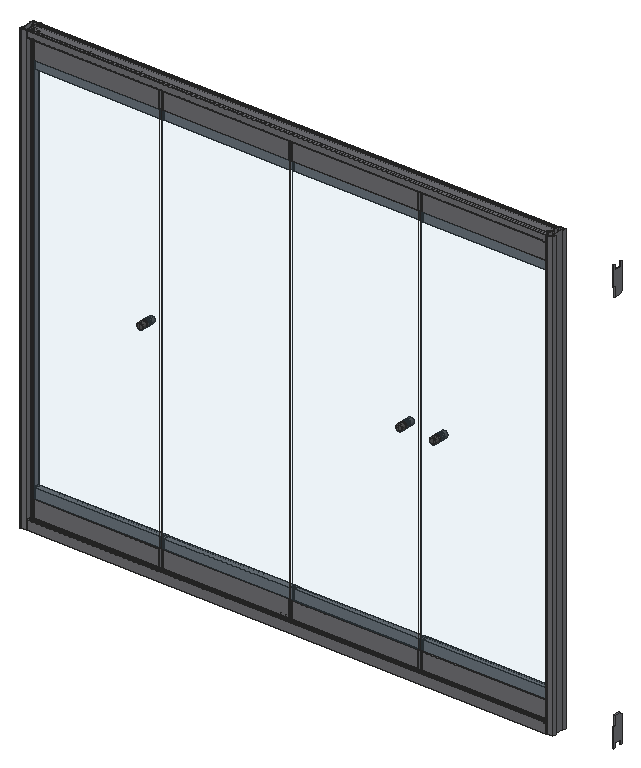
Revit family "QFL4 LH", category Doors, host Wall, Revit 2024
Family settings
  Host = Wall
  OmniClass Number = 23.30.10.00
  OmniClass Title = Doors
  Always vertical = Yes
  Cut with Voids When Loaded = No
  Shared = No
  Room Calculation Point = No
Parameters
  Function = Interior
  Frame Projection Ext. = 25 mm
  Frame Projection Int. = 25 mm
  Frame Width = 75 mm
  Height = 2098 mm
  Wall Closure = By host
  Width = 2498 mm
  Define Thermal Properties by = Schematic Type
  Analytic Construction = "<None>"
Reference planes
  plane 1: y = 0
  plane 2 "Center (Left/Right)": x = 0
  plane 3 "Left": x = -1249
  plane 4 "Right": x = 1249
  plane 5: z = 2098
  plane 6 "Exterior": y = 75
  plane 7 "Interior": y = -75
Forms (mm)
  Extrusion 1, solid, material "ALUMINIUM CHAR (TEST)"
    sketch origin (-0.37, 0, 0) x (1, 0, 0) y (0, 1, 0)
      loop
        line (1249.37, 37.5) -> (1219.37, 37.5) -> (1219.37, 34.4) -> (1220.37, 34.4) -> (1220.37, 35.9) -> (1221.87, 35.9) -> (1221.87, 28.3) -> (1220.37, 28.3) -> (1220.37, 29.8) -> (1219.37, 29.8) -> (1219.37, 1.2) -> (1220.37, 1.2) -> (1220.37, 2.7) -> (1221.87, 2.7) -> (1221.87, -4.9) -> (1220.37, -4.9) -> (1220.37, -3.4) -> (1219.37, -3.4) -> (1219.37, -13.1) -> (1215.37, -13.1) -> (1215.37, -11)
        arc (1215.37, -11) -> (1215.224, -10.646) -> (1214.87, -10.5) r 0.5
        line (1214.87, -10.5) -> (1212.12, -10.5) -> (1212.12, -11.5) -> (1213.72, -11.5) -> (1213.72, -13.1) -> (1206.02, -13.1) -> (1206.02, -11.5) -> (1207.62, -11.5) -> (1207.62, -10.5) -> (1204.87, -10.5)
        arc (1204.87, -10.5) -> (1204.517, -10.646) -> (1204.37, -11) r 0.5
        line (1204.37, -11) -> (1204.37, -14.4)
        arc (1204.37, -14.4) -> (1204.517, -14.754) -> (1204.87, -14.9) r 0.5
        line (1204.87, -14.9) -> (1219.37, -14.9) -> (1219.37, -37.5) -> (1249.37, -37.5) -> (1249.37, -22) -> (1247.87, -22) -> (1247.87, -24.5) -> (1244.87, -24.5) -> (1244.87, 24.5) -> (1247.87, 24.5) -> (1247.87, 22) -> (1249.37, 22) -> (1249.37, 37.5)
      loop
        line (1247.37, 26.3) -> (1247.37, 35.5) -> (1223.67, 35.5) -> (1223.67, 27.7)
        arc (1223.67, 27.7) -> (1223.377, 26.993) -> (1222.67, 26.7) r 1
        line (1222.67, 26.7) -> (1221.37, 26.7) -> (1221.37, 4.3) -> (1222.67, 4.3)
        arc (1222.67, 4.3) -> (1223.377, 4.007) -> (1223.67, 3.3) r 1
        line (1223.67, 3.3) -> (1223.67, -5.5)
        arc (1223.67, -5.5) -> (1223.377, -6.207) -> (1222.67, -6.5) r 1
        line (1222.67, -6.5) -> (1221.17, -6.5) -> (1221.17, -35.5) -> (1247.37, -35.5) -> (1247.37, -26.3) -> (1244.47, -26.3)
        arc (1244.47, -26.3) -> (1243.48, -25.89) -> (1243.07, -24.9) r 1.4
        line (1243.07, -24.9) -> (1243.07, 24.9)
        arc (1243.07, 24.9) -> (1243.48, 25.89) -> (1244.47, 26.3) r 1.4
        line (1244.47, 26.3) -> (1247.37, 26.3)
      loop
        line (-1248.63, 37.5) -> (-1248.63, 22) -> (-1247.13, 22) -> (-1247.13, 24.5) -> (-1244.13, 24.5) -> (-1244.13, -24.5) -> (-1247.13, -24.5) -> (-1247.13, -22) -> (-1248.63, -22) -> (-1248.63, -37.5) -> (-1218.63, -37.5) -> (-1218.63, -14.9) -> (-1204.13, -14.9)
        arc (-1204.13, -14.9) -> (-1203.776, -14.754) -> (-1203.63, -14.4) r 0.5
        line (-1203.63, -14.4) -> (-1203.63, -11)
        arc (-1203.63, -11) -> (-1203.776, -10.646) -> (-1204.13, -10.5) r 0.5
        line (-1204.13, -10.5) -> (-1206.88, -10.5) -> (-1206.88, -11.5) -> (-1205.28, -11.5) -> (-1205.28, -13.1) -> (-1212.98, -13.1) -> (-1212.98, -11.5) -> (-1211.38, -11.5) -> (-1211.38, -10.5) -> (-1214.13, -10.5)
        arc (-1214.13, -10.5) -> (-1214.483, -10.646) -> (-1214.63, -11) r 0.5
        line (-1214.63, -11) -> (-1214.63, -13.1) -> (-1218.63, -13.1) -> (-1218.63, -3.4) -> (-1219.63, -3.4) -> (-1219.63, -4.9) -> (-1221.13, -4.9) -> (-1221.13, 2.7) -> (-1219.63, 2.7) -> (-1219.63, 1.2) -> (-1218.63, 1.2) -> (-1218.63, 29.8) -> (-1219.63, 29.8) -> (-1219.63, 28.3) -> (-1221.13, 28.3) -> (-1221.13, 35.9) -> (-1219.63, 35.9) -> (-1219.63, 34.4) -> (-1218.63, 34.4) -> (-1218.63, 37.5) -> (-1248.63, 37.5)
      loop
        line (-1246.63, 26.3) -> (-1243.73, 26.3)
        arc (-1243.73, 26.3) -> (-1242.74, 25.89) -> (-1242.33, 24.9) r 1.4
        line (-1242.33, 24.9) -> (-1242.33, -24.9)
        arc (-1242.33, -24.9) -> (-1242.74, -25.89) -> (-1243.73, -26.3) r 1.4
        line (-1243.73, -26.3) -> (-1246.63, -26.3) -> (-1246.63, -35.5) -> (-1220.43, -35.5) -> (-1220.43, -6.5) -> (-1221.93, -6.5)
        arc (-1221.93, -6.5) -> (-1222.637, -6.207) -> (-1222.93, -5.5) r 1
        line (-1222.93, -5.5) -> (-1222.93, 3.3)
        arc (-1222.93, 3.3) -> (-1222.637, 4.007) -> (-1221.93, 4.3) r 1
        line (-1221.93, 4.3) -> (-1220.63, 4.3) -> (-1220.63, 26.7) -> (-1221.93, 26.7)
        arc (-1221.93, 26.7) -> (-1222.637, 26.993) -> (-1222.93, 27.7) r 1
        line (-1222.93, 27.7) -> (-1222.93, 35.5) -> (-1246.63, 35.5) -> (-1246.63, 26.3)
    from 0 to 2098
  Extrusion 2, solid, material "ALUMINIUM CHAR (TEST)"
    sketch origin (-943.37, 0, 0) x (0, -1, 0) y (0, 0, 1)
      loop
        line (-36.55, 18) -> (-36.55, 20.5) -> (-37.5, 20.5) -> (-37.5, 0) -> (-35.5, 0) -> (-35.5, 2) -> (-13.5, 2) -> (-13.5, 0) -> (-11.5, 0) -> (-11.5, 2) -> (10.5, 2) -> (10.5, 0) -> (12.5, 0) -> (12.5, 2) -> (35.5, 2) -> (35.5, 0) -> (37.5, 0) -> (37.5, 44.5)
        arc (37.5, 44.5) -> (37.354, 44.854) -> (37, 45) r 0.5
        line (37, 45) -> (32.199, 45) -> (31.492, 44.5) -> (26.524, 44.5) -> (25.817, 45) -> (22.199, 45) -> (21.492, 44.5) -> (16.524, 44.5) -> (15.817, 44.999) -> (11.001, 44.999)
        arc (11.001, 44.999) -> (10.648, 44.853) -> (10.502, 44.501) r 0.499
        line (10.502, 44.501) -> (10.502, 41.75) -> (11.5, 41.75) -> (11.5, 43.35) -> (13.1, 43.35) -> (13.1, 35.65) -> (11.5, 35.65) -> (11.5, 37.25) -> (10.5, 37.25) -> (10.5, 11.9)
        arc (10.5, 11.9) -> (10.061, 10.839) -> (9, 10.4) r 1.5
        line (9, 10.4) -> (3, 10.4)
        arc (3, 10.4) -> (1.939, 10.839) -> (1.5, 11.9) r 1.5
        line (1.5, 11.9) -> (1.5, 20)
        arc (1.5, 20) -> (0.851, 21.475) -> (-0.674, 21.992) r 2
        line (-0.674, 21.992) -> (-9.95, 20.504) -> (-9.95, 18) -> (-36.55, 18)
      loop
        line (10.5, 4.2) -> (10.5, 8.4) -> (3, 8.4)
        arc (3, 8.4) -> (0.525, 9.425) -> (-0.5, 11.9) r 3.5
        line (-0.5, 11.9) -> (-0.5, 20.057) -> (-7.95, 18.629) -> (-7.95, 16) -> (-35.5, 16) -> (-35.5, 4.2) -> (10.5, 4.2)
      loop
        line (12.5, 4.2) -> (35.5, 4.2) -> (35.5, 43) -> (15.1, 43) -> (15.1, 34) -> (12.5, 34) -> (12.5, 4.2)
      loop
        arc (-37.5, 2069) -> (-37.207, 2068.293) -> (-36.5, 2068) r 1
        line (-36.5, 2068) -> (-34.25, 2068) -> (-34.25, 2069) -> (-35.85, 2069) -> (-35.85, 2070.6) -> (-28.15, 2070.6) -> (-28.15, 2069) -> (-29.75, 2069) -> (-29.75, 2068) -> (-25.9, 2068)
        arc (-25.9, 2068) -> (-24.486, 2068.586) -> (-23.9, 2070) r 2
        line (-23.9, 2070) -> (-23.9, 2091.2)
        arc (-23.9, 2091.2) -> (-23.754, 2091.554) -> (-23.4, 2091.7) r 0.5
        line (-23.4, 2091.7) -> (-6.85, 2091.7) -> (-6.85, 2070)
        arc (-6.85, 2070) -> (-6.264, 2068.586) -> (-4.85, 2068) r 2
        line (-4.85, 2068) -> (13.1, 2068) -> (13.1, 2064) -> (11, 2064)
        arc (11, 2064) -> (10.646, 2063.854) -> (10.5, 2063.5) r 0.5
        line (10.5, 2063.5) -> (10.5, 2060.75) -> (11.5, 2060.75) -> (11.5, 2062.35) -> (13.1, 2062.35) -> (13.1, 2054.65) -> (11.5, 2054.65) -> (11.5, 2056.25) -> (10.5, 2056.25) -> (10.5, 2053.5)
        arc (10.5, 2053.5) -> (10.646, 2053.146) -> (11, 2053) r 0.5
        line (11, 2053) -> (14.4, 2053)
        arc (14.4, 2053) -> (14.754, 2053.146) -> (14.9, 2053.5) r 0.5
        line (14.9, 2053.5) -> (14.9, 2068) -> (36.5, 2068)
        arc (36.5, 2068) -> (37.207, 2068.293) -> (37.5, 2069) r 1
        line (37.5, 2069) -> (37.5, 2098) -> (22, 2098) -> (22, 2096.5) -> (24.5, 2096.5) -> (24.5, 2093.5) -> (-24.5, 2093.5) -> (-24.5, 2096.5) -> (-22, 2096.5) -> (-22, 2098) -> (-25.4, 2098)
        arc (-25.4, 2098) -> (-26.107, 2097.707) -> (-26.4, 2097) r 1
        line (-26.4, 2097) -> (-26.4, 2085.5)
        arc (-26.4, 2085.5) -> (-26.546, 2085.146) -> (-26.9, 2085) r 0.5
        line (-26.9, 2085) -> (-35, 2085)
        arc (-35, 2085) -> (-35.354, 2085.146) -> (-35.5, 2085.5) r 0.5
        line (-35.5, 2085.5) -> (-35.5, 2095.5)
        arc (-35.5, 2095.5) -> (-35.354, 2095.854) -> (-35, 2096) r 0.5
        line (-35, 2096) -> (-33.5, 2096) -> (-33.5, 2098) -> (-36.5, 2098)
        arc (-36.5, 2098) -> (-37.207, 2097.707) -> (-37.5, 2097) r 1
        line (-37.5, 2097) -> (-37.5, 2069)
      loop
        line (35.5, 2070) -> (35.5, 2096) -> (26.3, 2096) -> (26.3, 2093.1)
        arc (26.3, 2093.1) -> (25.89, 2092.11) -> (24.9, 2091.7) r 1.4
        line (24.9, 2091.7) -> (-4.85, 2091.7) -> (-4.85, 2070.5)
        arc (-4.85, 2070.5) -> (-4.704, 2070.146) -> (-4.35, 2070) r 0.5
        line (-4.35, 2070) -> (35.5, 2070)
      loop
        line (-26.4, 2072.2) -> (-26.4, 2082.5)
        arc (-26.4, 2082.5) -> (-26.546, 2082.854) -> (-26.9, 2083) r 0.5
        line (-26.9, 2083) -> (-35, 2083)
        arc (-35, 2083) -> (-35.354, 2082.854) -> (-35.5, 2082.5) r 0.5
        line (-35.5, 2082.5) -> (-35.5, 2072.2) -> (-26.4, 2072.2)
    from -2162.37 to 275.63
  Extrusion 3, solid, material "ALUMINIUM CHAR (TEST)"
    sketch origin (1510, 0, 0) x (0, -1, 0) y (0, 0, -1)
      loop
        line (-33.496, -156) -> (-23.496, -166) -> (2.504, -166) -> (2.504, -121) -> (10.504, -121) -> (10.504, -31) -> (5.604, -31) -> (5.604, -51) -> (-28.596, -51) -> (-28.596, -31) -> (-33.496, -31) -> (-33.496, -156)
      loop
        line (-33.496, -2059) -> (-28.596, -2059) -> (-28.596, -2039) -> (5.604, -2039) -> (5.604, -2059) -> (10.504, -2059) -> (10.504, -1969) -> (2.504, -1969) -> (2.504, -1924) -> (-23.496, -1924) -> (-33.496, -1934) -> (-33.496, -2059)
    from 0 to 5
  Extrusion 4, solid, material "ALUMINIUM CHAR (TEST)"
    sketch origin (-620, 0, 0) x (0, -1, 0) y (0, 0, 1)
      loop
        line (10.504, 2059) -> (8.704, 2059) -> (8.704, 2057) -> (5.604, 2057) -> (5.604, 2055.4) -> (8.754, 2055.4) -> (8.754, 2043.033) -> (8.2, 2041.985) -> (8.2, 2039) -> (-31.196, 2039) -> (-31.196, 2041.92) -> (-31.705, 2042.883) -> (-31.705, 2055.4) -> (-28.596, 2055.4) -> (-28.596, 2057) -> (-31.696, 2057) -> (-31.696, 2059) -> (-33.496, 2059) -> (-33.496, 1934) -> (-23.496, 1924) -> (2.504, 1924) -> (2.504, 1969) -> (10.504, 1969) -> (10.504, 2059)
      loop
        line (8.714, 1971) -> (8.714, 2037.2) -> (-31.705, 2037.2) -> (-31.705, 1935.038) -> (-22.467, 1925.8) -> (0.504, 1925.8) -> (0.504, 1971) -> (8.714, 1971)
      loop
        line (10.504, 31) -> (10.504, 121) -> (2.504, 121) -> (2.504, 166) -> (-23.496, 166) -> (-33.496, 156) -> (-33.496, 31) -> (-31.696, 31) -> (-31.696, 33) -> (-28.596, 33) -> (-28.596, 34.6) -> (-31.705, 34.6) -> (-31.705, 47.117) -> (-31.196, 48.08) -> (-31.196, 51) -> (8.2, 51) -> (8.2, 48.015) -> (8.754, 46.967) -> (8.754, 34.6) -> (5.604, 34.6) -> (5.604, 33) -> (8.704, 33) -> (8.704, 31) -> (10.504, 31)
      loop
        line (8.714, 119) -> (0.504, 119) -> (0.504, 164.2) -> (-22.467, 164.2) -> (-31.705, 154.962) -> (-31.705, 52.8) -> (8.714, 52.8) -> (8.714, 119)
    from -1 to 589
  Extrusion 5, solid, material "Glass"
    sketch origin (-1254, 0, 0) x (0, -1, 0) y (0, 0, 1)
      loop
        line (2.504, 121) -> (10.504, 121) -> (10.504, 1969) -> (2.504, 1969) -> (2.504, 121)
    from -640 to -40
  Extrusion 6, solid, material "ALUMINIUM CHAR (TEST)"
    sketch origin (-619, 0, 0) x (0, -1, 0) y (0, 0, -1)
      loop
        line (-33.496, -156) -> (-23.496, -166) -> (2.504, -166) -> (2.504, -121) -> (10.504, -121) -> (10.504, -31) -> (5.604, -31) -> (5.604, -51) -> (-28.596, -51) -> (-28.596, -31) -> (-33.496, -31) -> (-33.496, -156)
      loop
        line (-33.496, -2059) -> (-28.596, -2059) -> (-28.596, -2039) -> (5.604, -2039) -> (5.604, -2059) -> (10.504, -2059) -> (10.504, -1969) -> (2.504, -1969) -> (2.504, -1924) -> (-23.496, -1924) -> (-33.496, -1934) -> (-33.496, -2059)
    from 0 to 5
  Extrusion 7, solid, material "ALUMINIUM CHAR (TEST)"
    sketch origin (-1209, 0, 0) x (0, -1, 0) y (0, 0, 1)
      loop
        line (-33.496, 156) -> (-33.496, 31) -> (-28.596, 31) -> (-28.596, 51) -> (5.604, 51) -> (5.604, 31) -> (10.504, 31) -> (10.504, 121) -> (2.504, 121) -> (2.504, 166) -> (-23.496, 166) -> (-33.496, 156)
      loop
        line (-33.496, 2059) -> (-33.496, 1934) -> (-23.496, 1924) -> (2.504, 1924) -> (2.504, 1969) -> (10.504, 1969) -> (10.504, 2059) -> (5.604, 2059) -> (5.604, 2039) -> (-28.596, 2039) -> (-28.596, 2059) -> (-33.496, 2059)
    from 0 to 5
  Extrusion 8, solid, material "ALUMINIUM CHAR (TEST)"
    sketch origin (-601.5, 0, 0) x (0, -1, 0) y (0, 0, 1)
      loop
        line (-33.496, 156) -> (-33.496, 31) -> (-28.596, 31) -> (-28.596, 51) -> (5.604, 51) -> (5.604, 31) -> (10.504, 31) -> (10.504, 121) -> (2.504, 121) -> (2.504, 166) -> (-23.496, 166) -> (-33.496, 156)
      loop
        line (-33.496, 2059) -> (-33.496, 1934) -> (-23.496, 1924) -> (2.504, 1924) -> (2.504, 1969) -> (10.504, 1969) -> (10.504, 2059) -> (5.604, 2059) -> (5.604, 2039) -> (-28.596, 2039) -> (-28.596, 2059) -> (-33.496, 2059)
    from 0 to 5
  Extrusion 9, solid, material "ALUMINIUM CHAR (TEST)"
    sketch origin (-12.5, 0, 0) x (0, -1, 0) y (0, 0, 1)
      loop
        line (10.504, 2059) -> (8.704, 2059) -> (8.704, 2057) -> (5.604, 2057) -> (5.604, 2055.4) -> (8.754, 2055.4) -> (8.754, 2043.033) -> (8.2, 2041.985) -> (8.2, 2039) -> (-31.196, 2039) -> (-31.196, 2041.92) -> (-31.705, 2042.883) -> (-31.705, 2055.4) -> (-28.596, 2055.4) -> (-28.596, 2057) -> (-31.696, 2057) -> (-31.696, 2059) -> (-33.496, 2059) -> (-33.496, 1934) -> (-23.496, 1924) -> (2.504, 1924) -> (2.504, 1969) -> (10.504, 1969) -> (10.504, 2059)
      loop
        line (8.714, 1971) -> (8.714, 2037.2) -> (-31.705, 2037.2) -> (-31.705, 1935.038) -> (-22.467, 1925.8) -> (0.504, 1925.8) -> (0.504, 1971) -> (8.714, 1971)
      loop
        line (10.504, 31) -> (10.504, 121) -> (2.504, 121) -> (2.504, 166) -> (-23.496, 166) -> (-33.496, 156) -> (-33.496, 31) -> (-31.696, 31) -> (-31.696, 33) -> (-28.596, 33) -> (-28.596, 34.6) -> (-31.705, 34.6) -> (-31.705, 47.117) -> (-31.196, 48.08) -> (-31.196, 51) -> (8.2, 51) -> (8.2, 48.015) -> (8.754, 46.967) -> (8.754, 34.6) -> (5.604, 34.6) -> (5.604, 33) -> (8.704, 33) -> (8.704, 31) -> (10.504, 31)
      loop
        line (8.714, 119) -> (0.504, 119) -> (0.504, 164.2) -> (-22.467, 164.2) -> (-31.705, 154.962) -> (-31.705, 52.8) -> (8.714, 52.8) -> (8.714, 119)
    from -1 to 589
  Extrusion 10, solid, material "Glass"
    sketch origin (-646.5, 0, 0) x (0, -1, 0) y (0, 0, 1)
      loop
        line (2.504, 121) -> (10.504, 121) -> (10.504, 1969) -> (2.504, 1969) -> (2.504, 121)
    from -640 to -40
  Extrusion 11, solid, material "ALUMINIUM CHAR (TEST)"
    sketch origin (-11.5, 0, 0) x (0, -1, 0) y (0, 0, -1)
      loop
        line (-33.496, -156) -> (-23.496, -166) -> (2.504, -166) -> (2.504, -121) -> (10.504, -121) -> (10.504, -31) -> (5.604, -31) -> (5.604, -51) -> (-28.596, -51) -> (-28.596, -31) -> (-33.496, -31) -> (-33.496, -156)
      loop
        line (-33.496, -2059) -> (-28.596, -2059) -> (-28.596, -2039) -> (5.604, -2039) -> (5.604, -2059) -> (10.504, -2059) -> (10.504, -1969) -> (2.504, -1969) -> (2.504, -1924) -> (-23.496, -1924) -> (-33.496, -1934) -> (-33.496, -2059)
    from 0 to 5
  Extrusion 12, solid, material "ALUMINIUM CHAR (TEST)"
    sketch origin (6, 0, 0) x (0, -1, 0) y (0, 0, 1)
      loop
        line (-33.496, 156) -> (-33.496, 31) -> (-28.596, 31) -> (-28.596, 51) -> (5.604, 51) -> (5.604, 31) -> (10.504, 31) -> (10.504, 121) -> (2.504, 121) -> (2.504, 166) -> (-23.496, 166) -> (-33.496, 156)
      loop
        line (-33.496, 2059) -> (-33.496, 1934) -> (-23.496, 1924) -> (2.504, 1924) -> (2.504, 1969) -> (10.504, 1969) -> (10.504, 2059) -> (5.604, 2059) -> (5.604, 2039) -> (-28.596, 2039) -> (-28.596, 2059) -> (-33.496, 2059)
    from 0 to 5
  Extrusion 13, solid, material "ALUMINIUM CHAR (TEST)"
    sketch origin (595, 0, 0) x (0, -1, 0) y (0, 0, 1)
      loop
        line (10.504, 2059) -> (8.704, 2059) -> (8.704, 2057) -> (5.604, 2057) -> (5.604, 2055.4) -> (8.754, 2055.4) -> (8.754, 2043.033) -> (8.2, 2041.985) -> (8.2, 2039) -> (-31.196, 2039) -> (-31.196, 2041.92) -> (-31.705, 2042.883) -> (-31.705, 2055.4) -> (-28.596, 2055.4) -> (-28.596, 2057) -> (-31.696, 2057) -> (-31.696, 2059) -> (-33.496, 2059) -> (-33.496, 1934) -> (-23.496, 1924) -> (2.504, 1924) -> (2.504, 1969) -> (10.504, 1969) -> (10.504, 2059)
      loop
        line (8.714, 1971) -> (8.714, 2037.2) -> (-31.705, 2037.2) -> (-31.705, 1935.038) -> (-22.467, 1925.8) -> (0.504, 1925.8) -> (0.504, 1971) -> (8.714, 1971)
      loop
        line (10.504, 31) -> (10.504, 121) -> (2.504, 121) -> (2.504, 166) -> (-23.496, 166) -> (-33.496, 156) -> (-33.496, 31) -> (-31.696, 31) -> (-31.696, 33) -> (-28.596, 33) -> (-28.596, 34.6) -> (-31.705, 34.6) -> (-31.705, 47.117) -> (-31.196, 48.08) -> (-31.196, 51) -> (8.2, 51) -> (8.2, 48.015) -> (8.754, 46.967) -> (8.754, 34.6) -> (5.604, 34.6) -> (5.604, 33) -> (8.704, 33) -> (8.704, 31) -> (10.504, 31)
      loop
        line (8.714, 119) -> (0.504, 119) -> (0.504, 164.2) -> (-22.467, 164.2) -> (-31.705, 154.962) -> (-31.705, 52.8) -> (8.714, 52.8) -> (8.714, 119)
    from -1 to 589
  Extrusion 14, solid, material "Glass"
    sketch origin (-39, 0, 0) x (0, -1, 0) y (0, 0, 1)
      loop
        line (2.504, 121) -> (10.504, 121) -> (10.504, 1969) -> (2.504, 1969) -> (2.504, 121)
    from -640 to -40
  Extrusion 15, solid, material "ALUMINIUM CHAR (TEST)"
    sketch origin (596, 0, 0) x (0, -1, 0) y (0, 0, -1)
      loop
        line (-33.496, -156) -> (-23.496, -166) -> (2.504, -166) -> (2.504, -121) -> (10.504, -121) -> (10.504, -31) -> (5.604, -31) -> (5.604, -51) -> (-28.596, -51) -> (-28.596, -31) -> (-33.496, -31) -> (-33.496, -156)
      loop
        line (-33.496, -2059) -> (-28.596, -2059) -> (-28.596, -2039) -> (5.604, -2039) -> (5.604, -2059) -> (10.504, -2059) -> (10.504, -1969) -> (2.504, -1969) -> (2.504, -1924) -> (-23.496, -1924) -> (-33.496, -1934) -> (-33.496, -2059)
    from 0 to 5
  Extrusion 16, solid, material "ALUMINIUM CHAR (TEST)"
    sketch origin (613.5, 0, 0) x (0, -1, 0) y (0, 0, 1)
      loop
        line (-33.496, 156) -> (-33.496, 31) -> (-28.596, 31) -> (-28.596, 51) -> (5.604, 51) -> (5.604, 31) -> (10.504, 31) -> (10.504, 121) -> (2.504, 121) -> (2.504, 166) -> (-23.496, 166) -> (-33.496, 156)
      loop
        line (-33.496, 2059) -> (-33.496, 1934) -> (-23.496, 1924) -> (2.504, 1924) -> (2.504, 1969) -> (10.504, 1969) -> (10.504, 2059) -> (5.604, 2059) -> (5.604, 2039) -> (-28.596, 2039) -> (-28.596, 2059) -> (-33.496, 2059)
    from 0 to 5
  Extrusion 17, solid, material "ALUMINIUM CHAR (TEST)"
    sketch origin (1202.5, 0, 0) x (0, -1, 0) y (0, 0, 1)
      loop
        line (10.504, 2059) -> (8.704, 2059) -> (8.704, 2057) -> (5.604, 2057) -> (5.604, 2055.4) -> (8.754, 2055.4) -> (8.754, 2043.033) -> (8.2, 2041.985) -> (8.2, 2039) -> (-31.196, 2039) -> (-31.196, 2041.92) -> (-31.705, 2042.883) -> (-31.705, 2055.4) -> (-28.596, 2055.4) -> (-28.596, 2057) -> (-31.696, 2057) -> (-31.696, 2059) -> (-33.496, 2059) -> (-33.496, 1934) -> (-23.496, 1924) -> (2.504, 1924) -> (2.504, 1969) -> (10.504, 1969) -> (10.504, 2059)
      loop
        line (8.714, 1971) -> (8.714, 2037.2) -> (-31.705, 2037.2) -> (-31.705, 1935.038) -> (-22.467, 1925.8) -> (0.504, 1925.8) -> (0.504, 1971) -> (8.714, 1971)
      loop
        line (10.504, 31) -> (10.504, 121) -> (2.504, 121) -> (2.504, 166) -> (-23.496, 166) -> (-33.496, 156) -> (-33.496, 31) -> (-31.696, 31) -> (-31.696, 33) -> (-28.596, 33) -> (-28.596, 34.6) -> (-31.705, 34.6) -> (-31.705, 47.117) -> (-31.196, 48.08) -> (-31.196, 51) -> (8.2, 51) -> (8.2, 48.015) -> (8.754, 46.967) -> (8.754, 34.6) -> (5.604, 34.6) -> (5.604, 33) -> (8.704, 33) -> (8.704, 31) -> (10.504, 31)
      loop
        line (8.714, 119) -> (0.504, 119) -> (0.504, 164.2) -> (-22.467, 164.2) -> (-31.705, 154.962) -> (-31.705, 52.8) -> (8.714, 52.8) -> (8.714, 119)
    from -1 to 589
  Extrusion 18, solid, material "Glass"
    sketch origin (568.5, 0, 0) x (0, -1, 0) y (0, 0, 1)
      loop
        line (2.504, 121) -> (10.504, 121) -> (10.504, 1969) -> (2.504, 1969) -> (2.504, 121)
    from -640 to -40
  Extrusion 19, solid, material "ALUMINIUM CHAR (TEST)"
    sketch origin (1203.5, 0, 0) x (0, -1, 0) y (0, 0, -1)
      loop
        line (-33.496, -156) -> (-23.496, -166) -> (2.504, -166) -> (2.504, -121) -> (10.504, -121) -> (10.504, -31) -> (5.604, -31) -> (5.604, -51) -> (-28.596, -51) -> (-28.596, -31) -> (-33.496, -31) -> (-33.496, -156)
      loop
        line (-33.496, -2059) -> (-28.596, -2059) -> (-28.596, -2039) -> (5.604, -2039) -> (5.604, -2059) -> (10.504, -2059) -> (10.504, -1969) -> (2.504, -1969) -> (2.504, -1924) -> (-23.496, -1924) -> (-33.496, -1934) -> (-33.496, -2059)
    from 0 to 5
  Revolve 20, solid, material "Metal, Powder Coated, Black"
    sketch origin (531.5, -153.753, 23.323) x (0, 1, 0) y (0, 0, -1)
      loop
        line (151.249, -1021.677) -> (151.249, -1036.677) -> (154.249, -1036.677) -> (159.249, -1031.677) -> (164.249, -1036.677) -> (180.249, -1036.677) -> (181.249, -1035.677) -> (181.249, -1021.677) -> (151.249, -1021.677)
      axis (181.249, -1021.677) -> (151.249, -1021.677)
    angle from 0 to 360
  Revolve 21, solid, material "Metal, Powder Coated, Black"
    sketch origin (-683.5, -153.753, 23.323) x (0, 1, 0) y (0, 0, -1)
      loop
        line (151.249, -1021.677) -> (151.249, -1036.677) -> (154.249, -1036.677) -> (159.249, -1031.677) -> (164.249, -1036.677) -> (180.249, -1036.677) -> (181.249, -1035.677) -> (181.249, -1021.677) -> (151.249, -1021.677)
      axis (181.249, -1021.677) -> (151.249, -1021.677)
    angle from 0 to 360
  Revolve 22, solid, material "Metal, Powder Coated, Black"
    sketch origin (531.5, 140.744, 23.323) x (0, -1, 0) y (0, 0, 1)
      loop
        line (151.249, 1021.677) -> (181.249, 1021.677) -> (181.249, 1035.677) -> (180.249, 1036.677) -> (164.249, 1036.677) -> (159.249, 1031.677) -> (154.249, 1036.677) -> (151.249, 1036.677) -> (151.249, 1021.677)
      axis (181.249, 1021.677) -> (151.249, 1021.677)
    angle from 0 to 360
  Revolve 23, solid, material "Metal, Powder Coated, Black"
    sketch origin (-683.5, 140.744, 23.323) x (0, -1, 0) y (0, 0, 1)
      loop
        line (151.249, 1021.677) -> (181.249, 1021.677) -> (181.249, 1035.677) -> (180.249, 1036.677) -> (164.249, 1036.677) -> (159.249, 1031.677) -> (154.249, 1036.677) -> (151.249, 1036.677) -> (151.249, 1021.677)
      axis (181.249, 1021.677) -> (151.249, 1021.677)
    angle from 0 to 360
  Revolve 24, solid, material "Metal, Powder Coated, Black"
    sketch origin (689, -153.753, 23.323) x (0, 1, 0) y (0, 0, 1)
      loop
        line (151.249, 1021.677) -> (181.249, 1021.677) -> (181.249, 1035.677) -> (180.249, 1036.677) -> (164.249, 1036.677) -> (159.249, 1031.677) -> (154.249, 1036.677) -> (151.249, 1036.677) -> (151.249, 1021.677)
      axis (181.249, 1021.677) -> (151.249, 1021.677)
    angle from 0 to 360
  Revolve 25, solid, material "Metal, Powder Coated, Black"
    sketch origin (689, 140.744, 23.323) x (0, -1, 0) y (0, 0, -1)
      loop
        line (151.249, -1021.677) -> (151.249, -1036.677) -> (154.249, -1036.677) -> (159.249, -1031.677) -> (164.249, -1036.677) -> (180.249, -1036.677) -> (181.249, -1035.677) -> (181.249, -1021.677) -> (151.249, -1021.677)
      axis (181.249, -1021.677) -> (151.249, -1021.677)
    angle from 0 to 360
Lines and regions (mm)
  Opening 1
    outline origin (-3050, -75, 0) x (1, 0, 0) y (0, 0, 1)
      loop
        line (1801, 0) -> (4299, 0) -> (4299, 2098) -> (1801, 2098) -> (1801, 0)
  model lines
    curve 1: line (1214, 33.496, 2059) -> (614, 33.496, 1045)
    curve 2: line (614, 33.496, 1045) -> (1214, 33.496, 31)
    curve 3: line (433.405, 75, 1049) -> (258.405, 75, 1049)
    curve 4: line (119.328, 75, 1049) -> (258.405, 75, 1105.191)
    curve 5: line (258.405, 75, 1105.191) -> (258.405, 75, 992.809)
    curve 6: line (119.328, 75, 1049) -> (258.405, 75, 992.809)
    curve 7: line (-174.095, 75, 1049) -> (-349.095, 75, 1049)
    curve 8: line (-488.172, 75, 1049) -> (-349.095, 75, 1105.191)
    curve 9: line (-349.095, 75, 1105.191) -> (-349.095, 75, 992.809)
    curve 10: line (-488.172, 75, 1049) -> (-349.095, 75, 992.809)
    curve 11: line (-781.595, 75, 1049) -> (-956.595, 75, 1049)
    curve 12: line (-1095.672, 75, 1049) -> (-956.595, 75, 1105.191)
    curve 13: line (-956.595, 75, 1105.191) -> (-956.595, 75, 992.809)
    curve 14: line (-1095.672, 75, 1049) -> (-956.595, 75, 992.809)
    curve 15: line (-1220.39, 59.5, 0) -> (-948.105, 531.111, 0)
    curve 16: line (-1190.947, 22.496, 0) -> (-910, 509.111, 0)
    curve 17: line (-910, 509.111, 0) -> (-637.715, 37.5, 0)
    curve 18: line (-871.895, 531.111, 0) -> (-599.61, 59.5, 0)
    curve 19: line (-910, 509.111, 0) -> (-948.105, 531.111, 0)
    curve 20: line (-910, 509.111, 0) -> (-871.895, 531.111, 0)
    curve 21: line (-1182.285, 37.5, 0) -> (-1220.39, 59.5, 0)
    curve 22: line (-637.715, 37.5, 0) -> (-599.61, 59.5, 0)
    curve 23: line (-289.22, 509.111, 0) -> (-561.505, 37.5, 0)
    curve 24: line (-327.326, 531.111, 0) -> (-599.61, 59.5, 0)
    curve 25: line (-289.22, 509.111, 0) -> (-327.326, 531.111, 0)
    curve 26: line (-561.505, 37.5, 0) -> (-599.61, 59.5, 0)
    curve 27: line (1220.39, 59.5, 0) -> (948.105, 531.111, 0)
    curve 28: line (1190.947, 22.496, 0) -> (910, 509.111, 0)
    curve 29: line (910, 509.111, 0) -> (948.105, 531.111, 0)
    curve 30: line (1182.285, 37.5, 0) -> (1220.39, 59.5, 0)
Text (mm)
  text "Exterior" at (-2295.016, 1099.543, 0), in view "Ref. Level"
  text "Exterior" at (0, 1615.38, 3698.081), in view "Left"
  text "Exterior" at (0, 1036.032, 3874.932), in view "Right"
Dimensions and locks
  equal spacing: plane 3 "Left", plane 2 "Center (Left/Right)", plane 4 "Right"
  "Width": plane 3 "Left" to plane 4 "Right"
  "Height": plane 5 to host wall
  host wall to plane 5 = 2098 mm  (x2)
  locked: plane 6 "Exterior" to host wall
  locked: plane 7 "Interior" to host wall
  plane 3 "Left" to plane 4 "Right" = 2498 mm
  aligned and locked: plane 3 "Left" to Opening 1 sketch curve
  aligned and locked: plane 5 to Opening 1 sketch curve  (x2)
  aligned and locked: Opening 1 sketch curve to plane 4 "Right"
  aligned and locked: Opening 1 sketch curve to level
  aligned and locked: plane 1 to host wall
Automatic sketch dimensions
  Extrusion 1 sketch curve to plane 3 "Left" = 0 mm  (x2)
  Extrusion 1 sketch curve to plane 4 "Right" = 0 mm  (x2)
  Extrusion 1 sketch curve to plane 3 "Left" = 1.5 mm
  Extrusion 1 sketch curve to Extrusion 1 sketch curve = 1.5 mm  (x14)
  Extrusion 1 sketch curve to Extrusion 1 sketch curve = 0.5 mm  (x9)
  Extrusion 1 sketch curve to plane 3 "Left" = 2 mm
  Extrusion 1 sketch curve to Extrusion 1 sketch curve = 3 mm
  Extrusion 1 sketch curve to Extrusion 1 sketch curve = 0.4 mm  (x7)
  Extrusion 1 sketch curve to Extrusion 1 sketch curve = 1.4 mm  (x3)
  Extrusion 1 sketch curve to Extrusion 1 sketch curve = 19.4 mm
  Extrusion 1 sketch curve to host wall = 3.3 mm
  Extrusion 1 sketch curve to Extrusion 1 sketch curve = 0 mm  (x3)
  Extrusion 1 sketch curve to Extrusion 1 sketch curve = 1 mm  (x13)
  Extrusion 1 sketch curve to Extrusion 1 sketch curve = 0.8 mm  (x3)
  Extrusion 1 sketch curve to Extrusion 1 sketch curve = 1.3 mm  (x4)
  Extrusion 1 sketch curve to Extrusion 1 sketch curve = 21.9 mm
  Extrusion 1 sketch curve to Extrusion 1 sketch curve = 1.8 mm  (x6)
  Extrusion 1 sketch curve to Extrusion 1 sketch curve = 4 mm  (x2)
  Extrusion 1 sketch curve to Extrusion 1 sketch curve = 1.15 mm  (x5)
  Extrusion 1 sketch curve to Extrusion 1 sketch curve = 1.6 mm  (x10)
  Extrusion 1 sketch curve to Extrusion 1 sketch curve = 4.5 mm  (x3)
  host wall to Extrusion 1 sketch curve = 14.4 mm
  plane 4 "Right" to Extrusion 1 sketch curve = 45 mm
  Extrusion 1 sketch curve to Extrusion 1 sketch curve = 1.65 mm
  plane 4 "Right" to Extrusion 1 sketch curve = 30 mm
  Extrusion 1 sketch curve to host wall = 1.2 mm  (x2)
  plane 4 "Right" to Extrusion 1 sketch curve = 6.3 mm
  plane 4 "Right" to Extrusion 1 sketch curve = 2 mm  (x2)
  plane 4 "Right" to Extrusion 1 sketch curve = 1.5 mm  (x2)
  host wall to Extrusion 1 sketch curve = 22 mm  (x2)
  Extrusion 1 sketch curve to Extrusion 1 sketch curve = 2.5 mm  (x4)
  Extrusion 1 sketch curve to Extrusion 1 sketch curve = 9.2 mm  (x2)
  Extrusion 1 sketch curve to Extrusion 1 sketch curve = 20.6 mm
  Extrusion 1 sketch curve to Extrusion 1 sketch curve = 2 mm  (x4)
  host wall to Extrusion 1 sketch curve = 14.9 mm
  host wall to Extrusion 1 sketch curve = 6.5 mm  (x2)
  Extrusion 1 sketch curve to Extrusion 1 sketch curve = 0.6 mm  (x4)
  Extrusion 1 sketch curve to host wall = 22 mm  (x2)
  Extrusion 1 sketch curve to Extrusion 1 sketch curve = 4.6 mm  (x2)
  Extrusion 1 sketch curve to Extrusion 1 sketch curve = 1.1 mm
  Extrusion 2 sketch curve to Extrusion 2 sketch curve = 0 mm  (x12)
  Extrusion 2 sketch curve to level = 0 mm  (x4)
  plane 5 to Extrusion 2 sketch curve = 0 mm  (x3)
  Extrusion 2 sketch curve to host wall = 37.5 mm  (x2)
  plane 5 to Extrusion 2 sketch curve = 29 mm
  Extrusion 2 sketch curve to Extrusion 2 sketch curve = 0.95 mm
  Extrusion 2 sketch curve to Extrusion 2 sketch curve = 1 mm  (x12)
  Extrusion 2 sketch curve to Extrusion 2 sketch curve = 0.65 mm
  Extrusion 2 sketch curve to Extrusion 2 sketch curve = 0.35 mm  (x2)
  Extrusion 2 sketch curve to Extrusion 2 sketch curve = 1.05 mm
  Extrusion 2 sketch curve to Extrusion 2 sketch curve = 2 mm  (x9)
  Extrusion 2 sketch curve to Extrusion 2 sketch curve = 0.5 mm  (x13)
  Extrusion 2 sketch curve to Extrusion 2 sketch curve = 1.6 mm  (x9)
  Extrusion 2 sketch curve to Extrusion 2 sketch curve = 1.5 mm  (x8)
  Extrusion 2 sketch curve to Extrusion 2 sketch curve = 4.5 mm  (x3)
  Extrusion 2 sketch curve to Extrusion 2 sketch curve = 8.1 mm  (x2)
  Extrusion 2 sketch curve to Extrusion 2 sketch curve = 0.9 mm
  Extrusion 2 sketch curve to Extrusion 2 sketch curve = 0.6 mm
  Extrusion 2 sketch curve to Extrusion 2 sketch curve = 2.5 mm  (x3)
  level to Extrusion 2 sketch curve = 2 mm  (x3)
  Extrusion 2 sketch curve to host wall = 13.5 mm
  Extrusion 2 sketch curve to host wall = 9.95 mm
  Extrusion 2 sketch curve to host wall = 6.85 mm
  Extrusion 2 sketch curve to host wall = 0.674 mm
  Extrusion 2 sketch curve to host wall = 0.5 mm
  host wall to Extrusion 2 sketch curve = 1.5 mm
  Extrusion 2 sketch curve to Extrusion 2 sketch curve = 6 mm
  host wall to Extrusion 2 sketch curve = 10.5 mm  (x2)
  Extrusion 2 sketch curve to Extrusion 2 sketch curve = 0.002 mm
  Extrusion 2 sketch curve to Extrusion 2 sketch curve = 0.499 mm
  Extrusion 2 sketch curve to Extrusion 2 sketch curve = 0.998 mm
  Extrusion 2 sketch curve to Extrusion 2 sketch curve = 1.3 mm
  Extrusion 2 sketch curve to Extrusion 2 sketch curve = 0.717 mm
  Extrusion 2 sketch curve to Extrusion 2 sketch curve = 0.707 mm  (x4)
  Extrusion 2 sketch curve to Extrusion 2 sketch curve = 4.968 mm  (x2)
  plane 5 to Extrusion 2 sketch curve = 1.5 mm
  host wall to Extrusion 2 sketch curve = 22 mm
  Extrusion 2 sketch curve to Extrusion 2 sketch curve = 0.4 mm  (x2)
  Extrusion 2 sketch curve to Extrusion 2 sketch curve = 3.617 mm
  Extrusion 2 sketch curve to Extrusion 2 sketch curve = 1.4 mm
  Extrusion 2 sketch curve to Extrusion 2 sketch curve = 23 mm
  Extrusion 2 sketch curve to Extrusion 2 sketch curve = 20.6 mm
  Extrusion 2 sketch curve to Extrusion 2 sketch curve = 3.301 mm
  Extrusion 2 sketch curve to Extrusion 2 sketch curve = 2.2 mm  (x2)
  level to Extrusion 2 sketch curve = 8.4 mm
  Extrusion 2 sketch curve to Extrusion 2 sketch curve = 4.1 mm
  Extrusion 2 sketch curve to Extrusion 2 sketch curve = 0.629 mm
  Extrusion 2 sketch curve to Extrusion 2 sketch curve = 0.057 mm
  Extrusion 2 sketch curve to Extrusion 2 sketch curve = 2.504 mm
  Extrusion 2 sketch curve to Extrusion 2 sketch curve = 14 mm
  Extrusion 2 sketch curve to Extrusion 2 sketch curve = 1.65 mm
  Extrusion 2 sketch curve to Extrusion 2 sketch curve = 9 mm
  Extrusion 2 sketch curve to Extrusion 2 sketch curve = 1.151 mm
  Extrusion 2 sketch curve to Extrusion 2 sketch curve = 43.5 mm
  Extrusion 2 sketch curve to Extrusion 2 sketch curve = 1.15 mm  (x2)
  Extrusion 2 sketch curve to Extrusion 2 sketch curve = 4 mm
  Extrusion 2 sketch curve to Extrusion 2 sketch curve = 10.3 mm
  Extrusion 2 sketch curve to Extrusion 2 sketch curve = 5.8 mm
  plane 5 to Extrusion 2 sketch curve = 2 mm
  Extrusion 3 sketch curve to host wall = 33.496 mm  (x2)
  Extrusion 3 sketch curve to Extrusion 3 sketch curve = 4.9 mm  (x3)
  Extrusion 3 sketch curve to Extrusion 3 sketch curve = 10 mm  (x4)
  host wall to Extrusion 3 sketch curve = 2.504 mm  (x2)
  host wall to Extrusion 3 sketch curve = 5.604 mm  (x2)
  Extrusion 3 sketch curve to Extrusion 3 sketch curve = 8 mm
  plane 5 to Extrusion 3 sketch curve = 39 mm
  Extrusion 3 sketch curve to Extrusion 3 sketch curve = 0 mm
  Extrusion 3 sketch curve to Extrusion 3 sketch curve = 20 mm  (x3)
  Extrusion 3 sketch curve to Extrusion 3 sketch curve = 70 mm
  Extrusion 3 sketch curve to Extrusion 3 sketch curve = 35 mm
  level to Extrusion 3 sketch curve = 166 mm
  Extrusion 3 sketch curve to Extrusion 3 sketch curve = 45 mm
  level to Extrusion 3 sketch curve = 51 mm
  Extrusion 4 sketch curve to host wall = 33.496 mm  (x2)
  Extrusion 4 sketch curve to Extrusion 4 sketch curve = 1.79 mm  (x4)
  Extrusion 4 sketch curve to Extrusion 4 sketch curve = 0 mm
  Extrusion 4 sketch curve to Extrusion 4 sketch curve = 0.01 mm
  Extrusion 4 sketch curve to Extrusion 4 sketch curve = 1.8 mm  (x6)
  Extrusion 4 sketch curve to Extrusion 4 sketch curve = 0.51 mm  (x2)
  Extrusion 4 sketch curve to Extrusion 4 sketch curve = 3.11 mm  (x2)
  Extrusion 4 sketch curve to Extrusion 4 sketch curve = 8.21 mm  (x2)
  Extrusion 4 sketch curve to Extrusion 4 sketch curve = 1.028 mm  (x2)
  host wall to Extrusion 4 sketch curve = 0.504 mm  (x2)
  host wall to Extrusion 4 sketch curve = 2.504 mm  (x2)
  host wall to Extrusion 4 sketch curve = 5.604 mm  (x2)
  host wall to Extrusion 4 sketch curve = 8.2 mm  (x2)
  Extrusion 4 sketch curve to Extrusion 4 sketch curve = 3.1 mm  (x2)
  Extrusion 4 sketch curve to Extrusion 4 sketch curve = 0.514 mm
  Extrusion 4 sketch curve to Extrusion 4 sketch curve = 6.21 mm
  Extrusion 4 sketch curve to Extrusion 4 sketch curve = 0.05 mm
  Extrusion 4 sketch curve to Extrusion 4 sketch curve = 0.554 mm
  level to Extrusion 4 sketch curve = 31 mm  (x2)
  Extrusion 4 sketch curve to Extrusion 4 sketch curve = 2 mm  (x6)
  Extrusion 4 sketch curve to Extrusion 4 sketch curve = 1.6 mm  (x4)
  Extrusion 4 sketch curve to Extrusion 4 sketch curve = 12.367 mm  (x2)
  Extrusion 4 sketch curve to Extrusion 4 sketch curve = 12.517 mm  (x2)
  Extrusion 4 sketch curve to Extrusion 4 sketch curve = 1.048 mm  (x2)
  Extrusion 4 sketch curve to Extrusion 4 sketch curve = 0.963 mm  (x2)
  Extrusion 4 sketch curve to Extrusion 4 sketch curve = 2.92 mm  (x2)
  Extrusion 4 sketch curve to Extrusion 4 sketch curve = 66.2 mm
  Extrusion 4 sketch curve to Extrusion 4 sketch curve = 33.962 mm
  Extrusion 4 sketch curve to Extrusion 4 sketch curve = 1.038 mm  (x2)
  Extrusion 4 sketch curve to Extrusion 4 sketch curve = 9.238 mm
  plane 5 to Extrusion 4 sketch curve = 174 mm
  Extrusion 4 sketch curve to Extrusion 4 sketch curve = 8.2 mm
  Extrusion 4 sketch curve to Extrusion 4 sketch curve = 43.2 mm
  plane 5 to Extrusion 4 sketch curve = 60.8 mm
  Extrusion 4 sketch curve to Extrusion 4 sketch curve = 2.985 mm
  host wall to Extrusion 5 sketch curve = 2.504 mm
  Extrusion 5 sketch curve to Extrusion 5 sketch curve = 8 mm
  level to Extrusion 5 sketch curve = 121 mm
  plane 5 to Extrusion 5 sketch curve = 129 mm
  Extrusion 6 sketch curve to host wall = 33.496 mm  (x2)
  Extrusion 6 sketch curve to Extrusion 6 sketch curve = 4.9 mm  (x3)
  Extrusion 6 sketch curve to Extrusion 6 sketch curve = 10 mm  (x4)
  host wall to Extrusion 6 sketch curve = 2.504 mm  (x2)
  host wall to Extrusion 6 sketch curve = 5.604 mm  (x2)
  Extrusion 6 sketch curve to Extrusion 6 sketch curve = 8 mm
  plane 5 to Extrusion 6 sketch curve = 39 mm
  Extrusion 6 sketch curve to Extrusion 6 sketch curve = 0 mm
  Extrusion 6 sketch curve to Extrusion 6 sketch curve = 20 mm  (x3)
  Extrusion 6 sketch curve to Extrusion 6 sketch curve = 70 mm
  Extrusion 6 sketch curve to Extrusion 6 sketch curve = 35 mm
  level to Extrusion 6 sketch curve = 166 mm
  Extrusion 6 sketch curve to Extrusion 6 sketch curve = 45 mm
  level to Extrusion 6 sketch curve = 51 mm
  Extrusion 7 sketch curve to host wall = 33.496 mm  (x2)
  Extrusion 7 sketch curve to Extrusion 7 sketch curve = 4.9 mm  (x3)
  Extrusion 7 sketch curve to Extrusion 7 sketch curve = 10 mm  (x4)
  host wall to Extrusion 7 sketch curve = 2.504 mm  (x2)
  host wall to Extrusion 7 sketch curve = 5.604 mm  (x2)
  Extrusion 7 sketch curve to Extrusion 7 sketch curve = 8 mm
  level to Extrusion 7 sketch curve = 31 mm  (x2)
  Extrusion 7 sketch curve to Extrusion 7 sketch curve = 20 mm  (x3)
  Extrusion 7 sketch curve to Extrusion 7 sketch curve = 70 mm
  Extrusion 7 sketch curve to Extrusion 7 sketch curve = 35 mm
  plane 5 to Extrusion 7 sketch curve = 174 mm
  Extrusion 7 sketch curve to Extrusion 7 sketch curve = 45 mm
  plane 5 to Extrusion 7 sketch curve = 59 mm
  Extrusion 8 sketch curve to host wall = 33.496 mm  (x2)
  Extrusion 8 sketch curve to Extrusion 8 sketch curve = 4.9 mm  (x3)
  Extrusion 8 sketch curve to Extrusion 8 sketch curve = 10 mm  (x4)
  host wall to Extrusion 8 sketch curve = 2.504 mm  (x2)
  host wall to Extrusion 8 sketch curve = 5.604 mm  (x2)
  Extrusion 8 sketch curve to Extrusion 8 sketch curve = 8 mm
  level to Extrusion 8 sketch curve = 31 mm  (x2)
  Extrusion 8 sketch curve to Extrusion 8 sketch curve = 20 mm  (x3)
  Extrusion 8 sketch curve to Extrusion 8 sketch curve = 70 mm
  Extrusion 8 sketch curve to Extrusion 8 sketch curve = 35 mm
  plane 5 to Extrusion 8 sketch curve = 174 mm
  Extrusion 8 sketch curve to Extrusion 8 sketch curve = 45 mm
  plane 5 to Extrusion 8 sketch curve = 59 mm
  Extrusion 9 sketch curve to host wall = 33.496 mm  (x2)
  Extrusion 9 sketch curve to Extrusion 9 sketch curve = 1.79 mm  (x4)
  Extrusion 9 sketch curve to Extrusion 9 sketch curve = 0 mm
  Extrusion 9 sketch curve to Extrusion 9 sketch curve = 0.01 mm
  Extrusion 9 sketch curve to Extrusion 9 sketch curve = 1.8 mm  (x6)
  Extrusion 9 sketch curve to Extrusion 9 sketch curve = 0.51 mm  (x2)
  Extrusion 9 sketch curve to Extrusion 9 sketch curve = 3.11 mm  (x2)
  Extrusion 9 sketch curve to Extrusion 9 sketch curve = 8.21 mm  (x2)
  Extrusion 9 sketch curve to Extrusion 9 sketch curve = 1.028 mm  (x2)
  host wall to Extrusion 9 sketch curve = 0.504 mm  (x2)
  host wall to Extrusion 9 sketch curve = 2.504 mm  (x2)
  host wall to Extrusion 9 sketch curve = 5.604 mm  (x2)
  host wall to Extrusion 9 sketch curve = 8.2 mm  (x2)
  Extrusion 9 sketch curve to Extrusion 9 sketch curve = 3.1 mm  (x2)
  Extrusion 9 sketch curve to Extrusion 9 sketch curve = 0.514 mm
  Extrusion 9 sketch curve to Extrusion 9 sketch curve = 6.21 mm
  Extrusion 9 sketch curve to Extrusion 9 sketch curve = 0.05 mm
  Extrusion 9 sketch curve to Extrusion 9 sketch curve = 0.554 mm
  level to Extrusion 9 sketch curve = 31 mm  (x2)
  Extrusion 9 sketch curve to Extrusion 9 sketch curve = 2 mm  (x6)
  Extrusion 9 sketch curve to Extrusion 9 sketch curve = 1.6 mm  (x4)
  Extrusion 9 sketch curve to Extrusion 9 sketch curve = 12.367 mm  (x2)
  Extrusion 9 sketch curve to Extrusion 9 sketch curve = 12.517 mm  (x2)
  Extrusion 9 sketch curve to Extrusion 9 sketch curve = 1.048 mm  (x2)
  Extrusion 9 sketch curve to Extrusion 9 sketch curve = 0.963 mm  (x2)
  Extrusion 9 sketch curve to Extrusion 9 sketch curve = 2.92 mm  (x2)
  Extrusion 9 sketch curve to Extrusion 9 sketch curve = 66.2 mm
  Extrusion 9 sketch curve to Extrusion 9 sketch curve = 33.962 mm
  Extrusion 9 sketch curve to Extrusion 9 sketch curve = 1.038 mm  (x2)
  Extrusion 9 sketch curve to Extrusion 9 sketch curve = 9.238 mm
  plane 5 to Extrusion 9 sketch curve = 174 mm
  Extrusion 9 sketch curve to Extrusion 9 sketch curve = 8.2 mm
  Extrusion 9 sketch curve to Extrusion 9 sketch curve = 43.2 mm
  plane 5 to Extrusion 9 sketch curve = 60.8 mm
  Extrusion 9 sketch curve to Extrusion 9 sketch curve = 2.985 mm
  host wall to Extrusion 10 sketch curve = 2.504 mm
  Extrusion 10 sketch curve to Extrusion 10 sketch curve = 8 mm
  level to Extrusion 10 sketch curve = 121 mm
  plane 5 to Extrusion 10 sketch curve = 129 mm
  Extrusion 11 sketch curve to host wall = 33.496 mm  (x2)
  Extrusion 11 sketch curve to Extrusion 11 sketch curve = 4.9 mm  (x3)
  Extrusion 11 sketch curve to Extrusion 11 sketch curve = 10 mm  (x4)
  host wall to Extrusion 11 sketch curve = 2.504 mm  (x2)
  host wall to Extrusion 11 sketch curve = 5.604 mm  (x2)
  Extrusion 11 sketch curve to Extrusion 11 sketch curve = 8 mm
  plane 5 to Extrusion 11 sketch curve = 39 mm
  Extrusion 11 sketch curve to Extrusion 11 sketch curve = 0 mm
  Extrusion 11 sketch curve to Extrusion 11 sketch curve = 20 mm  (x3)
  Extrusion 11 sketch curve to Extrusion 11 sketch curve = 70 mm
  Extrusion 11 sketch curve to Extrusion 11 sketch curve = 35 mm
  level to Extrusion 11 sketch curve = 166 mm
  Extrusion 11 sketch curve to Extrusion 11 sketch curve = 45 mm
  level to Extrusion 11 sketch curve = 51 mm
  Extrusion 12 sketch curve to host wall = 33.496 mm  (x2)
  Extrusion 12 sketch curve to Extrusion 12 sketch curve = 4.9 mm  (x3)
  Extrusion 12 sketch curve to Extrusion 12 sketch curve = 10 mm  (x4)
  host wall to Extrusion 12 sketch curve = 2.504 mm  (x2)
  host wall to Extrusion 12 sketch curve = 5.604 mm  (x2)
  Extrusion 12 sketch curve to Extrusion 12 sketch curve = 8 mm
  level to Extrusion 12 sketch curve = 31 mm  (x2)
  Extrusion 12 sketch curve to Extrusion 12 sketch curve = 20 mm  (x3)
  Extrusion 12 sketch curve to Extrusion 12 sketch curve = 70 mm
  Extrusion 12 sketch curve to Extrusion 12 sketch curve = 35 mm
  plane 5 to Extrusion 12 sketch curve = 174 mm
  Extrusion 12 sketch curve to Extrusion 12 sketch curve = 45 mm
  plane 5 to Extrusion 12 sketch curve = 59 mm
  Extrusion 13 sketch curve to host wall = 33.496 mm  (x2)
  Extrusion 13 sketch curve to Extrusion 13 sketch curve = 1.79 mm  (x4)
  Extrusion 13 sketch curve to Extrusion 13 sketch curve = 0 mm
  Extrusion 13 sketch curve to Extrusion 13 sketch curve = 0.01 mm
  Extrusion 13 sketch curve to Extrusion 13 sketch curve = 1.8 mm  (x6)
  Extrusion 13 sketch curve to Extrusion 13 sketch curve = 0.51 mm  (x2)
  Extrusion 13 sketch curve to Extrusion 13 sketch curve = 3.11 mm  (x2)
  Extrusion 13 sketch curve to Extrusion 13 sketch curve = 8.21 mm  (x2)
  Extrusion 13 sketch curve to Extrusion 13 sketch curve = 1.028 mm  (x2)
  host wall to Extrusion 13 sketch curve = 0.504 mm  (x2)
  host wall to Extrusion 13 sketch curve = 2.504 mm  (x2)
  host wall to Extrusion 13 sketch curve = 5.604 mm  (x2)
  host wall to Extrusion 13 sketch curve = 8.2 mm  (x2)
  Extrusion 13 sketch curve to Extrusion 13 sketch curve = 3.1 mm  (x2)
  Extrusion 13 sketch curve to Extrusion 13 sketch curve = 0.514 mm
  Extrusion 13 sketch curve to Extrusion 13 sketch curve = 6.21 mm
  Extrusion 13 sketch curve to Extrusion 13 sketch curve = 0.05 mm
  Extrusion 13 sketch curve to Extrusion 13 sketch curve = 0.554 mm
  level to Extrusion 13 sketch curve = 31 mm  (x2)
  Extrusion 13 sketch curve to Extrusion 13 sketch curve = 2 mm  (x6)
  Extrusion 13 sketch curve to Extrusion 13 sketch curve = 1.6 mm  (x4)
  Extrusion 13 sketch curve to Extrusion 13 sketch curve = 12.367 mm  (x2)
  Extrusion 13 sketch curve to Extrusion 13 sketch curve = 12.517 mm  (x2)
  Extrusion 13 sketch curve to Extrusion 13 sketch curve = 1.048 mm  (x2)
  Extrusion 13 sketch curve to Extrusion 13 sketch curve = 0.963 mm  (x2)
  Extrusion 13 sketch curve to Extrusion 13 sketch curve = 2.92 mm  (x2)
  Extrusion 13 sketch curve to Extrusion 13 sketch curve = 66.2 mm
  Extrusion 13 sketch curve to Extrusion 13 sketch curve = 33.962 mm
  Extrusion 13 sketch curve to Extrusion 13 sketch curve = 1.038 mm  (x2)
  Extrusion 13 sketch curve to Extrusion 13 sketch curve = 9.238 mm
  plane 5 to Extrusion 13 sketch curve = 174 mm
  Extrusion 13 sketch curve to Extrusion 13 sketch curve = 8.2 mm
  Extrusion 13 sketch curve to Extrusion 13 sketch curve = 43.2 mm
  plane 5 to Extrusion 13 sketch curve = 60.8 mm
  Extrusion 13 sketch curve to Extrusion 13 sketch curve = 2.985 mm
  host wall to Extrusion 14 sketch curve = 2.504 mm
  Extrusion 14 sketch curve to Extrusion 14 sketch curve = 8 mm
  level to Extrusion 14 sketch curve = 121 mm
  plane 5 to Extrusion 14 sketch curve = 129 mm
  Extrusion 15 sketch curve to host wall = 33.496 mm  (x2)
  Extrusion 15 sketch curve to Extrusion 15 sketch curve = 4.9 mm  (x3)
  Extrusion 15 sketch curve to Extrusion 15 sketch curve = 10 mm  (x4)
  host wall to Extrusion 15 sketch curve = 2.504 mm  (x2)
  host wall to Extrusion 15 sketch curve = 5.604 mm  (x2)
  Extrusion 15 sketch curve to Extrusion 15 sketch curve = 8 mm
  plane 5 to Extrusion 15 sketch curve = 39 mm
  Extrusion 15 sketch curve to Extrusion 15 sketch curve = 0 mm
  Extrusion 15 sketch curve to Extrusion 15 sketch curve = 20 mm  (x3)
  Extrusion 15 sketch curve to Extrusion 15 sketch curve = 70 mm
  Extrusion 15 sketch curve to Extrusion 15 sketch curve = 35 mm
  level to Extrusion 15 sketch curve = 166 mm
  Extrusion 15 sketch curve to Extrusion 15 sketch curve = 45 mm
  level to Extrusion 15 sketch curve = 51 mm
  Extrusion 16 sketch curve to host wall = 33.496 mm  (x2)
  Extrusion 16 sketch curve to Extrusion 16 sketch curve = 4.9 mm  (x3)
  Extrusion 16 sketch curve to Extrusion 16 sketch curve = 10 mm  (x4)
  host wall to Extrusion 16 sketch curve = 2.504 mm  (x2)
  host wall to Extrusion 16 sketch curve = 5.604 mm  (x2)
  Extrusion 16 sketch curve to Extrusion 16 sketch curve = 8 mm
  level to Extrusion 16 sketch curve = 31 mm  (x2)
  Extrusion 16 sketch curve to Extrusion 16 sketch curve = 20 mm  (x3)
  Extrusion 16 sketch curve to Extrusion 16 sketch curve = 70 mm
  Extrusion 16 sketch curve to Extrusion 16 sketch curve = 35 mm
  plane 5 to Extrusion 16 sketch curve = 174 mm
  Extrusion 16 sketch curve to Extrusion 16 sketch curve = 45 mm
  plane 5 to Extrusion 16 sketch curve = 59 mm
  Extrusion 17 sketch curve to host wall = 33.496 mm  (x2)
  Extrusion 17 sketch curve to Extrusion 17 sketch curve = 1.79 mm  (x4)
  Extrusion 17 sketch curve to Extrusion 17 sketch curve = 0 mm
  Extrusion 17 sketch curve to Extrusion 17 sketch curve = 0.01 mm
  Extrusion 17 sketch curve to Extrusion 17 sketch curve = 1.8 mm  (x6)
  Extrusion 17 sketch curve to Extrusion 17 sketch curve = 0.51 mm  (x2)
  Extrusion 17 sketch curve to Extrusion 17 sketch curve = 3.11 mm  (x2)
  Extrusion 17 sketch curve to Extrusion 17 sketch curve = 8.21 mm  (x2)
  Extrusion 17 sketch curve to Extrusion 17 sketch curve = 1.028 mm  (x2)
  host wall to Extrusion 17 sketch curve = 0.504 mm  (x2)
  host wall to Extrusion 17 sketch curve = 2.504 mm  (x2)
  host wall to Extrusion 17 sketch curve = 5.604 mm  (x2)
  host wall to Extrusion 17 sketch curve = 8.2 mm  (x2)
  Extrusion 17 sketch curve to Extrusion 17 sketch curve = 3.1 mm  (x2)
  Extrusion 17 sketch curve to Extrusion 17 sketch curve = 0.514 mm
  Extrusion 17 sketch curve to Extrusion 17 sketch curve = 6.21 mm
  Extrusion 17 sketch curve to Extrusion 17 sketch curve = 0.05 mm
  Extrusion 17 sketch curve to Extrusion 17 sketch curve = 0.554 mm
  level to Extrusion 17 sketch curve = 31 mm  (x2)
  Extrusion 17 sketch curve to Extrusion 17 sketch curve = 2 mm  (x6)
  Extrusion 17 sketch curve to Extrusion 17 sketch curve = 1.6 mm  (x4)
  Extrusion 17 sketch curve to Extrusion 17 sketch curve = 12.367 mm  (x2)
  Extrusion 17 sketch curve to Extrusion 17 sketch curve = 12.517 mm  (x2)
  Extrusion 17 sketch curve to Extrusion 17 sketch curve = 1.048 mm  (x2)
  Extrusion 17 sketch curve to Extrusion 17 sketch curve = 0.963 mm  (x2)
  Extrusion 17 sketch curve to Extrusion 17 sketch curve = 2.92 mm  (x2)
  Extrusion 17 sketch curve to Extrusion 17 sketch curve = 66.2 mm
  Extrusion 17 sketch curve to Extrusion 17 sketch curve = 33.962 mm
  Extrusion 17 sketch curve to Extrusion 17 sketch curve = 1.038 mm  (x2)
  Extrusion 17 sketch curve to Extrusion 17 sketch curve = 9.238 mm
  plane 5 to Extrusion 17 sketch curve = 174 mm
  Extrusion 17 sketch curve to Extrusion 17 sketch curve = 8.2 mm
  Extrusion 17 sketch curve to Extrusion 17 sketch curve = 43.2 mm
  plane 5 to Extrusion 17 sketch curve = 60.8 mm
  Extrusion 17 sketch curve to Extrusion 17 sketch curve = 2.985 mm
  host wall to Extrusion 18 sketch curve = 2.504 mm
  Extrusion 18 sketch curve to Extrusion 18 sketch curve = 8 mm
  level to Extrusion 18 sketch curve = 121 mm
  plane 5 to Extrusion 18 sketch curve = 129 mm
  Extrusion 19 sketch curve to host wall = 33.496 mm  (x2)
  Extrusion 19 sketch curve to Extrusion 19 sketch curve = 4.9 mm  (x3)
  Extrusion 19 sketch curve to Extrusion 19 sketch curve = 10 mm  (x4)
  host wall to Extrusion 19 sketch curve = 2.504 mm  (x2)
  host wall to Extrusion 19 sketch curve = 5.604 mm  (x2)
  Extrusion 19 sketch curve to Extrusion 19 sketch curve = 8 mm
  plane 5 to Extrusion 19 sketch curve = 39 mm
  Extrusion 19 sketch curve to Extrusion 19 sketch curve = 0 mm
  Extrusion 19 sketch curve to Extrusion 19 sketch curve = 20 mm  (x3)
  Extrusion 19 sketch curve to Extrusion 19 sketch curve = 70 mm
  Extrusion 19 sketch curve to Extrusion 19 sketch curve = 35 mm
  level to Extrusion 19 sketch curve = 166 mm
  Extrusion 19 sketch curve to Extrusion 19 sketch curve = 45 mm
  level to Extrusion 19 sketch curve = 51 mm
  plane 2 "Center (Left/Right)" to curve 1 = 614 mm
  level to curve 2 = 1045 mm
  plane 4 "Right" to curve 2 = 35 mm
  plane 4 "Right" to curve 1 = 35 mm
  level to curve 2 = 31 mm
  plane 5 to curve 1 = 39 mm
  host wall to Revolve 20 sketch curve = 2.504 mm
  Revolve 20 sketch curve to host wall = 0.496 mm
  Revolve 20 sketch curve to host wall = 5.496 mm
  Revolve 20 sketch curve to Revolve 20 sketch curve = 5 mm
  Revolve 20 sketch curve to Revolve 20 sketch curve = 16 mm
  Revolve 20 sketch curve to Revolve 20 sketch curve = 1 mm  (x2)
  plane 5 to Revolve 20 sketch curve = 1038 mm
  Revolve 20 sketch curve to Revolve 20 sketch curve = 0 mm  (x4)
  Revolve 20 sketch curve to Revolve 20 sketch curve = 14 mm
  host wall to Revolve 21 sketch curve = 2.504 mm
  Revolve 21 sketch curve to host wall = 0.496 mm
  Revolve 21 sketch curve to host wall = 5.496 mm
  Revolve 21 sketch curve to Revolve 21 sketch curve = 5 mm
  Revolve 21 sketch curve to Revolve 21 sketch curve = 16 mm
  Revolve 21 sketch curve to Revolve 21 sketch curve = 1 mm  (x2)
  plane 5 to Revolve 21 sketch curve = 1038 mm
  Revolve 21 sketch curve to Revolve 21 sketch curve = 0 mm  (x4)
  Revolve 21 sketch curve to Revolve 21 sketch curve = 14 mm
  host wall to Revolve 22 sketch curve = 10.504 mm
  Revolve 22 sketch curve to Revolve 22 sketch curve = 3 mm
  Revolve 22 sketch curve to Revolve 22 sketch curve = 5 mm  (x2)
  Revolve 22 sketch curve to Revolve 22 sketch curve = 16 mm
  Revolve 22 sketch curve to Revolve 22 sketch curve = 1 mm  (x2)
  level to Revolve 22 sketch curve = 1045 mm
  Revolve 22 sketch curve to Revolve 22 sketch curve = 10 mm
  Revolve 22 sketch curve to Revolve 22 sketch curve = 14 mm
  Revolve 22 sketch curve to Revolve 22 sketch curve = 0 mm  (x3)
  host wall to Revolve 23 sketch curve = 10.504 mm
  Revolve 23 sketch curve to Revolve 23 sketch curve = 3 mm
  Revolve 23 sketch curve to Revolve 23 sketch curve = 5 mm  (x2)
  Revolve 23 sketch curve to Revolve 23 sketch curve = 16 mm
  Revolve 23 sketch curve to Revolve 23 sketch curve = 1 mm  (x2)
  level to Revolve 23 sketch curve = 1045 mm
  Revolve 23 sketch curve to Revolve 23 sketch curve = 10 mm
  Revolve 23 sketch curve to Revolve 23 sketch curve = 14 mm
  Revolve 23 sketch curve to Revolve 23 sketch curve = 0 mm  (x3)
  host wall to Revolve 24 sketch curve = 2.504 mm
  Revolve 24 sketch curve to host wall = 0.496 mm
